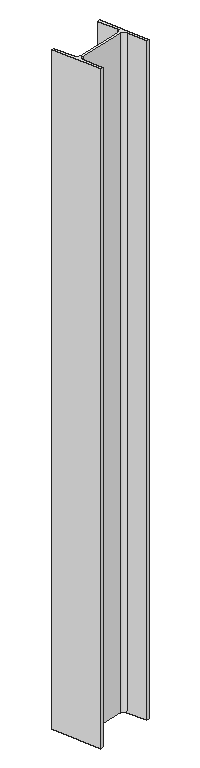
Revit family
Parameters (values of type "W250X49.1")
  Column Material [instance] = Metal - Steel - 345 MPa
  Assembly Code = ""
  A = 0.00626 m²
  W = 0.48
  bf = 202 mm
  d = 247 mm
  k = 28 mm
  kr = k - tf  # 17 mm
  tf = 11 mm
  tw = 7.4 mm
Types (2, lengths in mm): name | A | W | bf | d | k | kr | tf | tw
  W250X73 | 0.00931 m² | 0.72 | 254 | 253 | 31 | 16.8 | 14.2 | 8.6
  W250X49.1 | 0.00626 m² | 0.48 | 202 | 247 | 28 | 17 | 11 | 7.4
Reference planes
  plane 1: y = 0
  plane 2: z = 0
  plane 3: x = 0
  plane 4: x = -101
  plane 5: x = 101
  plane 6: y = 123.5
  plane 7: y = -123.5
  plane 8: x = -3.969
  plane 9: x = 3.969
Forms (mm)
  Extrusion 1, solid, material "Metal - Steel - 345 MPa" <- "Column Material", detail levels medium
    sketch origin (0, 0, 0) x (1, 0, 0) y (0, 1, 0)
      loop
        line (-101, 123.5) -> (-101, 112.5) -> (-3.7, 112.5) -> (-3.7, -112.5) -> (-101, -112.5) -> (-101, -123.5) -> (101, -123.5) -> (101, -112.5) -> (3.7, -112.5) -> (3.7, 112.5) -> (101, 112.5) -> (101, 123.5) -> (-101, 123.5)
    from 0 to 2500
  Extrusion 2, solid, material "Metal - Steel - 345 MPa" <- "Column Material", detail levels fine
    sketch origin (0, 0, 0) x (1, 0, 0) y (0, 1, 0)
      loop
        line (-101, 123.5) -> (-101, 112.5) -> (-20.7, 112.5)
        arc (-20.7, 112.5) -> (-8.679, 107.521) -> (-3.7, 95.5) r 17
        line (-3.7, 95.5) -> (-3.7, -95.5)
        arc (-3.7, -95.5) -> (-8.679, -107.521) -> (-20.7, -112.5) r 17
        line (-20.7, -112.5) -> (-101, -112.5) -> (-101, -123.5) -> (101, -123.5) -> (101, -112.5) -> (20.7, -112.5)
        arc (20.7, -112.5) -> (8.679, -107.521) -> (3.7, -95.5) r 17
        line (3.7, -95.5) -> (3.7, 95.5)
        arc (3.7, 95.5) -> (8.679, 107.521) -> (20.7, 112.5) r 17
        line (20.7, 112.5) -> (101, 112.5) -> (101, 123.5) -> (-101, 123.5)
    from 0 to 2500
Lines and regions (mm)
  symbolic lines, style "StructuralColumnStickSymbols", detail levels coarse
    curve 1: line (-101, 123.5, 0) -> (101, 123.5, 0)
    curve 2: line (-101, -123.5, 0) -> (101, -123.5, 0)
    curve 3: line (0, 123.5, 0) -> (0, -123.5, 0)
  symbolic lines, style "Hidden Faces", detail levels medium+fine
    curve 4: line (-3.969, 0, 0) -> (-3.969, 0, 2500)
    curve 5: line (3.969, 0, 2500) -> (3.969, 0, 0)
Dimensions and locks
  equal spacing: plane 4, plane 3, plane 5
  equal spacing: plane 7, plane 1, plane 6
  "d": plane 7 to plane 6
  "bf": plane 4 to plane 5
  "tf": plane 7 to Extrusion 1 sketch curve
  "tf": Extrusion 1 sketch curve to plane 6
  equal spacing: Extrusion 1 sketch curve, plane 3, Extrusion 1 sketch curve
  "tw": Extrusion 1 sketch curve to Extrusion 1 sketch curve
  "kr": radius of Extrusion 2 sketch curve  (x4)
  aligned and locked: plane 6 to Extrusion 1 sketch curve
  aligned and locked: Extrusion 1 sketch curve to plane 7
  aligned and locked: Extrusion 1 sketch curve to plane 4  (x2)
  aligned and locked: plane 5 to Extrusion 1 sketch curve  (x2)
  aligned and locked: Extrusion 1 sketch curve to Extrusion 1 sketch curve  (x2)
  aligned and locked: level to Extrusion 1
  aligned and locked: level to plane 2
  aligned and locked: Extrusion 1 to plane 2
  aligned and locked: plane 6 to Extrusion 2 sketch curve
  aligned and locked: plane 5 to Extrusion 2 sketch curve  (x2)
  aligned and locked: Extrusion 2 sketch curve to plane 4  (x2)
  aligned and locked: Extrusion 2 sketch curve to Extrusion 1  (x6)
  aligned and locked: Extrusion 2 sketch curve to plane 7
  aligned and locked: level to Extrusion 2
  aligned and locked: Extrusion 2 to level
Automatic sketch dimensions
  curve 2 to plane 4 = 0 mm
  curve 1 to plane 4 = 0 mm
  curve 3 to plane 3 = 0 mm
  curve 2 to plane 5 = 0 mm
  curve 1 to plane 5 = 0 mm
  curve 3 to plane 7 = 0 mm
  curve 3 to plane 6 = 0 mm
  curve 4 to level = 0 mm  (x2)
  curve 4 to plane 8 = 0 mm
  curve 5 to level = 0 mm  (x2)
  curve 5 to plane 9 = 0 mm
